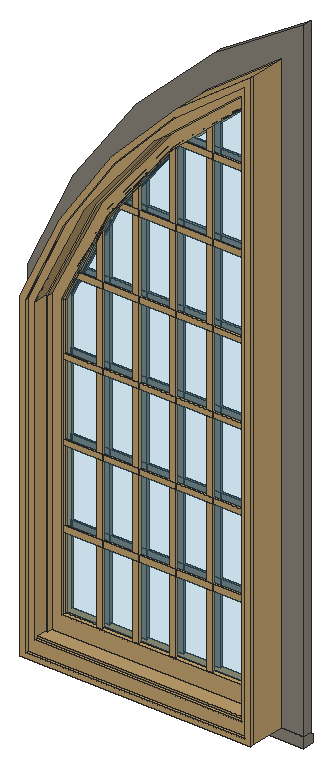
Revit family (continued)
Definition of nested family "Roundtop_Section_Detail"
  Lines and regions (in)
    detail lines, style "Cut Lines", in view "Ref. Level"
      curve 1: line (0.625, 4.15625, 0) -> (0.625, 68.51563, 0)
      curve 2: line (0.8135, 4.15625, 0) -> (0.8135, 68.51563, 0)
      curve 3: line (1.375, 4.15625, 0) -> (1.375, 68.51563, 0)
      curve 4: line (1.5625, 4.15625, 0) -> (1.5625, 68.51563, 0)
  Dimensions and locks (in)
    "Height": plane 4 to plane 1 "Center (Front/Back)"
    aligned and locked: nested 1 to plane 4
    aligned and locked: plane 3 "Center (Left/Right)" to nested 1
    aligned and locked: plane 3 "Center (Left/Right)" to nested 2
    aligned and locked: plane 1 "Center (Front/Back)" to nested 2
    aligned and locked: nested 2 to curve 1
    aligned and locked: curve 1 to nested 2
    aligned and locked: curve 2 to nested 2  (x2)
    aligned and locked: nested 2 to curve 3
    aligned and locked: curve 3 to nested 2
    aligned and locked: curve 4 to nested 2  (x2)
  Automatic sketch dimensions
    curve 3 to plane 4 = 0' - 2 39/64"
    curve 2 to curve 3 = 0' - 0"
    curve 3 to curve 4 = 0' - 0"
    curve 1 to curve 2 = 0' - 0"
  Nested families (in)
    nested 1: "Head_Detail" at (0, 71.125, 0), type "Head_Detail", in view "Ref. Level"
    nested 2: "Sill_Detail" at (0, 0, 0), type "Jamb_Detail", in view "Ref. Level"
  Definition of nested family "Head_Detail"
    Parameters (values of type "Head_Detail")
      Flange = no
      Assembly Code = ""
    Reference planes (in)
      plane 1 "Center (Front/Back)": y = 0
      plane 2: z = 0
      plane 3 "Center (Left/Right)": x = 0
    Lines and regions (in)
      detail lines, style "Cut Lines", in view "Ref. Level", visible <- "Flange"
        curve 1: line (0, 1.5, 0) -> (0, 0.15, 0)
        curve 2: line (-0.04501, 0, 0) -> (-0.04501, 1.5, 0)
        curve 3: line (-0.04501, 1.5, 0) -> (0, 1.5, 0)
        curve 4: line (0.10999, 0.15, 0) -> (0.10999, 0, 0)
        curve 5: line (0, 0.15, 0) -> (0.10999, 0.15, 0)
      detail lines, style "Cut Lines", in view "Ref. Level"
        curve 6: line (1.375, -2.7104, 0) -> (0.8135, -2.7104, 0)
        curve 7: line (1.375, -2.91687, 0) -> (0.8135, -2.91687, 0)
        curve 8: line (1.5625, -2.60938, 0) -> (1.375, -2.60938, 0)
        curve 9: line (0.8135, -2.60938, 0) -> (0.625, -2.60938, 0)
        curve 10: line (-0.21901, -1.78125, 0) -> (0.12474, -1.78125, 0)
        curve 11: line (-1.09401, -0.59375, 0) -> (-0.62526, -0.66381, 0)
        curve 12: line (-1.09401, 0, 0) -> (-1.09401, -0.59375, 0)
        curve 13: line (-0.62526, -0.9375, 0) -> (-0.62526, -0.66381, 0)
        curve 14: line (-0.62526, -0.9375, 0) -> (-0.21901, -0.9375, 0)
        curve 15: line (-0.21901, -0.9375, 0) -> (-0.21901, -1.78125, 0)
        curve 16: line (0.12474, -1.5625, 0) -> (2, -1.5625, 0)
        curve 17: line (0.12474, -1.78125, 0) -> (0.12474, -1.5625, 0)
        curve 18: line (2.75, -1.78125, 0) -> (2.75, -1.5, 0)
        curve 19: line (2, -1.78125, 0) -> (2.75, -1.78125, 0)
        curve 20: line (2, -1.5625, 0) -> (2, -1.78125, 0)
        curve 21: line (4.5625, 0, 0) -> (-1.09401, 0, 0)
        curve 22: line (4.5625, -1.5, 0) -> (4.5625, 0, 0)
        curve 23: line (2.75, -1.5, 0) -> (4.5625, -1.5, 0)
        curve 24: line (0.59375, -1.60938, 0) -> (0.25, -1.60938, 0)
        curve 25: line (0.25, -3.07813, 0) -> (0.25, -1.60938, 0)
        curve 26: line (0.40113, -3.07813, 0) -> (0.25, -3.07813, 0)
        curve 27: line (0.5578, -3.26562, 0) -> (0.40113, -3.07813, 0)
        curve 28: line (0.59375, -2.51563, 0) -> (0.59375, -3.26562, 0)
        curve 29: line (0.59375, -3.26562, 0) -> (0.5578, -3.26562, 0)
        curve 30: line (2, -1.60938, 0) -> (0.59375, -1.60938, 0)
        curve 31: line (1.5625, -2.51563, 0) -> (0.59375, -2.51563, 0)
        curve 32: line (1.5625, -3.26562, 0) -> (1.5625, -2.51563, 0)
        curve 33: line (1.71407, -3.26562, 0) -> (1.5625, -3.26562, 0)
        curve 34: line (2, -3.04662, 0) -> (1.93308, -3.04662, 0)
        curve 35: line (2, -1.60938, 0) -> (2, -3.04662, 0)
        curve 36: line (1.93308, -3.04662, 0) -> (1.71407, -3.26562, 0)
  Definition of nested family "Sill_Detail"
    Parameters (values of type "Jamb_Detail")
      Flange = no
      Assembly Code = ""
    Reference planes (in)
      plane 1 "Center (Front/Back)": y = 0
      plane 2: z = 0
      plane 3 "Center (Left/Right)": x = 0
    Lines and regions (in)
      detail lines, style "Cut Lines", in view "Ref. Level", visible <- "Flange"
        curve 1: line (0, -1.5, 0) -> (0, -0.15, 0)
        curve 2: line (-0.04501, 0, 0) -> (-0.04501, -1.5, 0)
        curve 3: line (-0.04501, -1.5, 0) -> (0, -1.5, 0)
        curve 4: line (0.10999, -0.15, 0) -> (0.10999, 0, 0)
        curve 5: line (0, -0.15, 0) -> (0.10999, -0.15, 0)
      detail lines, style "Cut Lines", in view "Ref. Level"
        curve 6: line (1.375, 4.25727, 0) -> (0.8135, 4.25727, 0)
        curve 7: line (1.375, 4.46375, 0) -> (0.8135, 4.46375, 0)
        curve 8: line (1.5625, 4.15625, 0) -> (1.375, 4.15625, 0)
        curve 9: line (0.8135, 4.15625, 0) -> (0.625, 4.15625, 0)
        curve 10: line (-1.09401, 0, 0) -> (-1.09401, 0.59371, 0)
        curve 11: line (4.5625, 0, 0) -> (-1.09401, 0, 0)
        curve 12: line (0.25, 4.625, 0) -> (0.25, 0.98526, 0)
        curve 13: line (0.40113, 4.625, 0) -> (0.25, 4.625, 0)
        curve 14: line (0.5578, 4.8125, 0) -> (0.40113, 4.625, 0)
        curve 15: line (0.59375, 4.0625, 0) -> (0.59375, 4.8125, 0)
        curve 16: line (0.59375, 4.8125, 0) -> (0.5578, 4.8125, 0)
        curve 17: line (1.5625, 4.0625, 0) -> (0.59375, 4.0625, 0)
        curve 18: line (1.5625, 4.8125, 0) -> (1.5625, 4.0625, 0)
        curve 19: line (1.71407, 4.8125, 0) -> (1.5625, 4.8125, 0)
        curve 20: line (2, 4.59349, 0) -> (1.93308, 4.59349, 0)
        curve 21: line (2, 1.36026, 0) -> (2, 4.59349, 0)
        curve 22: line (1.93308, 4.59349, 0) -> (1.71407, 4.8125, 0)
        curve 23: line (-1.09401, 0.59371, 0) -> (-0.23437, 0.72218, 0)
        curve 24: line (2, 1.36026, 0) -> (-0.23438, 0.80316, 0)
        curve 25: line (-0.23437, 0.80316, 0) -> (-0.23437, 0.72218, 0)
        curve 26: line (4.5625, 2.22769, 0) -> (4.5625, 0, 0)
        curve 27: line (2, 2.46875, 0) -> (4.09375, 2.46875, 0)
        curve 28: line (4.5625, 2.22769, 0) -> (4.09375, 2.22769, 0)
        curve 29: line (4.09375, 2.22769, 0) -> (4.09375, 2.46875, 0)
        curve 30: line (2, 1.36026, 0) -> (0.5, 1.36026, 0)
        curve 31: line (0.25, 0.98526, 0) -> (0.5, 0.98526, 0)
        curve 32: line (0.5, 1.36026, 0) -> (0.5, 0.98526, 0)
